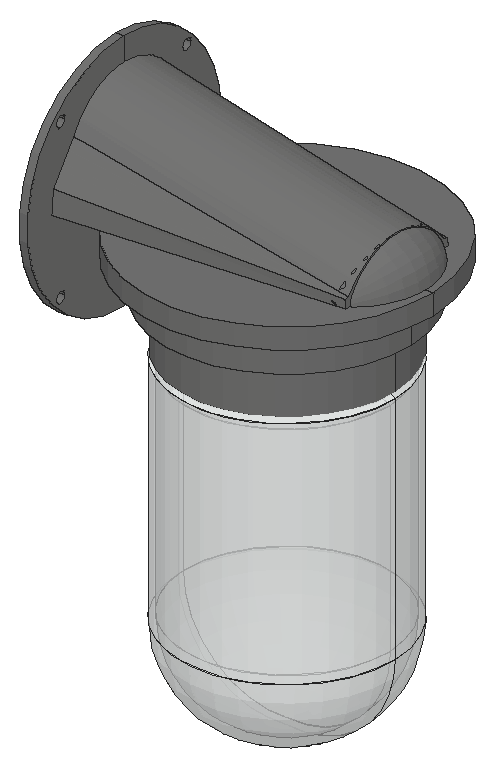
Revit family "Vaportite Wall (VTW) 100w INC 16w MB", category Lighting Fixtures, Revit 2020
Family settings
  Round Connector Dimension = Use Diameter
  Part Type = Normal
  OmniClass Number = 23.80.70.00
  OmniClass Title = Lighting
  Work Plane-Based = No
  Always vertical = Yes
  Cut with Voids When Loaded = No
  Light Source = Yes
  Shared = No
  Room Calculation Point = No
Parameters (values of type "VTW100GL")
  Weight = "2.5 lbs"
  Wattage Comments = "100 W Max"  # constant formula
  Wattage = 1.6 W
  Warranty = "5 year limited warranty"  # constant formula
  built-in parameter 1150110 = 1 (stored number, unit not read)
  Voltage = 277 V  # constant formula
  VTW100GL = yes
  URL = "https://www.anplighting.com/assets/Uploads/product-attachments/specification-sheets/ANP-Specification-Sheet-RLM-MB-VTW100GL.pdf"
  built-in parameter 1114217 = 1 (stored number, unit not read)
  Tilt Angle = 90.00°
  built-in parameter 1150109 = 1 (stored number, unit not read)
  built-in parameter 1150134 = 12
  built-in parameter 1150113 = 1 (stored number, unit not read)
  Power Factor = 1
  Placement X axis side [instance] = 0' - 2 53/64"  # constant formula
  Photometric Web File = "generic.ies"
  Model = "VTW100GL"
  Manufacturer = "ANP Lighting"  # constant formula
  built-in parameter 1150105 = 159.15 (stored number, unit not read)
  Lumens = 2000 lm
  built-in parameter 1150115 = 1 (stored number, unit not read)
  Load Classification = Lighting
  Light Source Height [instance] = 0' - 6 1/2"  # constant formula
  built-in parameter 1150137 = (empty or 0)
  built-in parameter 1150139 = (empty or 0)
  Light Elevation _2 [instance] = 0' - 1 137/256"  # constant formula
  Light Elevation _1 [instance] = 0' - 0 7/8"  # constant formula
  Light Elevation [instance] = 0' - 0"  # constant formula
  Life = "L70 50,000 hours"  # constant formula
  built-in parameter 1150112 = 1 (stored number, unit not read)
  built-in parameter 1150114 = 1 (stored number, unit not read)
  Lamp = "MB"  # constant formula
  built-in parameter 1150132 = 2
  built-in parameter 1150102 = (empty or 0)
  built-in parameter 1150107 = 4000 (stored number, unit not read)
  built-in parameter 1150138 = (empty or 0)
  built-in parameter 1150106 = 1.5915 (stored number, unit not read)
  INSIDE BODY = INSIDE BODY
  HUB = Texture Black
  Fixture Height = 0' - 9 1/4"
  Fixture Diameter = 0' - 5 1/4"
  Efficiency = "65-125 lumens per watt"  # constant formula
  built-in parameter 1150104 = 116.13 (stored number, unit not read)
  Dimming Lamp Color Temperature Shift = <None>
  Dimming = "1%"  # constant formula
  Description = "120-277 Voltage"  # constant formula
  Default Elevation = 0' - 0"
  Construction Material = "Cast aluminum."  # constant formula
  Color Filter = 16777215
  CRI = ">90"  # constant formula
  Bulb = Bulb
  Body Material = body
  Body Colour = "Cast aluminium"  # constant formula
  built-in parameter 1114218 = 1 (stored number, unit not read)
  built-in parameter 1150133 = 10 (stored number, unit not read)
  Apparent Load = 100 VA
Reference planes (in)
  plane 1 "Light Source Axis (F/B)": y = 0
  plane 2: z = 0
  plane 3 "Light Source Axis (L/R)": x = 0
  plane 4 "Light Source Elevation": z = 0
  plane 5: z = 0
  plane 6: x = 2.82813
  plane 7 "Bulb Position": z = -1.53516
  plane 8 "Canopy Position": z = -0.875
  plane 9 "IES": z = -8.03516
Dimensions and locks (in)
  "Light Elevation": plane 5 to plane 2
  "Placement X axis side": plane 6 to plane 3 "Light Source Axis (L/R)"
  "Light Elevation _2": plane 5 to plane 7 "Bulb Position"
  "Light Elevation _1": plane 5 to plane 8 "Canopy Position"
  "Light Source Height": plane 7 "Bulb Position" to plane 9 "IES"
  locked: plane 4 "Light Source Elevation" to plane 2
  aligned and locked: level to plane 2
  aligned and locked: imposter light to plane 9 "IES"
  aligned and locked: plane 6 to imposter light
  aligned and locked: plane 3 "Light Source Axis (L/R)" to nested 1
  aligned and locked: plane 5 to nested 1
Nested families (in)
  nested 1: "VTW100GL _1" at (0, 0, 0), VTW100GL <- "VTW100GL", visible <- "VTW100GL", GLASS <- "Bulb", HUB <- "HUB", Light Elevation <- "Light Elevation", type "VTW100GL _1"
    with VTW100GL yes, Light Elevation 0' - 0", HUB Texture Black, GLASS Bulb
Definition of nested family "VTW100GL _1"
  Parameters (values of type "VTW100GL _1")
    VTW100GL [instance] = yes
    Light Elevation [instance] = 2' - 0"
    HUB [instance] = none
    GLASS [instance] = none
    Default Elevation = 0' - 0"
  Reference planes (in)
    plane 1 "Center (Front/Back)": y = 0
    plane 2: z = 0
    plane 3 "Center (Left/Right)": x = 0
    plane 4: z = 24
  Dimensions and locks (in)
    "Light Elevation": plane 4 to plane 2
    aligned and locked: plane 2 to level
    aligned and locked: nested 1 to plane 4
  Nested families (in)
    nested 1: "VTW 100wMB" at (3.375, 14.78991, 14.75), HUB <- "HUB", GLASS <- "GLASS", visible <- "VTW100GL", VTW100GL <- "VTW100GL", type "VTW 100wMB"
      with VTW100GL yes, HUB none, GLASS none
  Definition of nested family "VTW 100wMB"
    Parameters (values of type "VTW 100wMB")
      VTW100GL [instance] = yes
      HUB [instance] = none
      GLASS [instance] = none
      Default Elevation = 0' - 0"
    Reference planes (in)
      plane 1 "Center (Front/Back)": y = 0
      plane 2: z = 0
      plane 3 "Center (Left/Right)": x = 0
      plane 4: y = 106.42871
      plane 5: x = 1.875
      plane 6: z = 9.25
      plane 7: x = -3.375
      plane 8: x = 1.75
      plane 9: z = 7.25
      plane 10: z = 5.25
      plane 11: through (0, 0, 7.25032) normal (0, 0.7071, 0.7071)
      plane 12: through (0, 0, 7.25032) normal (0, 0.7071, -0.7071)
      plane 13: x = -0.54687
    Forms (in)
      Revolve 1, solid, material <- "HUB", visible <- "VTW100GL"
        sketch origin (-0.54687, 0, -0.875) x (1, 0, 0) y (0, 0, 1)
          loop
            line (-0.8125, 6.42962) -> (-0.8125, 6.52337) -> (-1.6928, 6.52337) -> (-1.6928, 7.30965) -> (-1.95779, 7.30965) -> (-1.95779, 7.87899) -> (-2.32812, 7.87899) -> (-2.32812, 8.02934) -> (0, 8.02934) -> (0, 8.12532) -> (-2.42187, 8.12532) -> (-2.42187, 7.78524) -> (-2.05154, 7.78524) -> (-2.05154, 7.2159) -> (-1.78655, 7.2159) -> (-1.78655, 6.42962) -> (-0.8125, 6.42962)
          axis (0, 8.12532) -> (0, 6.42962)
        angle from 0 to 360
      Revolve 2, solid, material <- "GLASS", visible <- "VTW100GL"
        sketch origin (0, 0, 0) x (1, 0, 0) y (0, 0, 1)
          loop
            line (-2.34351, 5.45581) -> (-2.34351, 1.59533)
            arc (-2.34351, 1.59533) -> (-1.80365, 0.39398) -> (-0.54687, 0) r 1.6066
            line (-0.54687, 0) -> (-0.54687, 0.09567)
            arc (-0.54687, 0.09567) -> (-1.74355, 0.51944) -> (-2.24976, 1.68364) r 1.59184
            line (-2.24976, 1.68364) -> (-2.24976, 5.3227) -> (-1.7524, 5.55462) -> (-2.06244, 5.55462)
            arc (-2.06244, 5.55462) -> (-2.21141, 5.5292) -> (-2.34351, 5.45581) r 0.44916
          axis (-0.54687, 5.55462) -> (-0.54687, 0)
        angle from 0 to 360
      Revolve 3, solid, material <- "HUB", visible <- "VTW100GL"
        sketch origin (0, 0, -2.84941) x (1, 0, 0) y (0, 0, 1)
          loop
            line (-3.375, 10.09972) -> (-3.375, 8.09941) -> (-3.24997, 8.09941) -> (-3.24997, 10.09972) -> (-3.375, 10.09972)
          axis (-3.24997, 10.09972) -> (-3.375, 10.09972)
        angle from 0 to 360
      SweptBlend 4, solid, material <- "HUB", visible <- "VTW100GL"
        path origin (0, 0, -2.94417) x (1, 0, 0) y (0, 0, 1)
          loop
            line (-3.24997, 10.19449) -> (1.25003, 10.19449)
        profile origin (-3.24997, 0, 7.25032) x (0, 0, 1) y (0, -1, 0)
          loop
            line (0, 1.49804) -> (0, -1.65429)
            arc (0, -1.65429) -> (0.19344, -1.64539) -> (0.38526, -1.61877) r 2.10741
            line (0.38526, -1.61877) -> (0.9487, -1.05533)
            arc (0.9487, -1.05533) -> (1.61838, -0.01231) -> (0.97087, 1.04461) r 1.16633
            line (0.97087, 1.04461) -> (0.37008, 1.46529)
            arc (0.37008, 1.46529) -> (0.18576, 1.48983) -> (0, 1.49804) r 2.10741
        end profile origin (1.25003, 0, 7.25032) x (0, 0, 1) y (0, -1, 0)
          loop
            line (0, 1.04491) -> (0, -1.06054)
            arc (0, -1.06054) -> (0.06285, -1.0596) -> (0.12565, -1.05679) r 2.10741
            line (0.12565, -1.05679) -> (0.14154, -0.98199)
            arc (0.14154, -0.98199) -> (0.6582, 0) -> (0.14154, 0.98199) r 1.19155
            line (0.14154, 0.98199) -> (0.12901, 1.04096)
            arc (0.12901, 1.04096) -> (0.06454, 1.04392) -> (0, 1.04491) r 2.10741
      Sweep 5, solid, material <- "HUB", visible <- "VTW100GL"
        path origin (0, 0, -2.94027) x (1, 0, 0) y (0, 0, 1)
          loop
            arc (1.25003, 10.8527) -> (1.6006, 10.5998) -> (1.75, 10.19417) r 0.73978
        profile origin (1.6006, 0, 7.65953) x (0.796458, 0, 0.604694) y (0, -1, 0)
          loop
            arc (-0.6404, -1.0652) -> (-0.00358, -0.00148) -> (-0.6404, 1.06225) r 1.20682
            line (-0.6404, 1.06225) -> (-0.6404, -1.0652)
      Extrusion 6, void
        sketch origin (0, 0, 0) x (0, 1, 0) y (0, 0, 1)
          loop
            circle (-1.30395, 8.55427) r 0.09375
          loop
            circle (1.30395, 8.55427) r 0.09375
          loop
            circle (-1.30395, 5.94573) r 0.09375
          loop
            circle (1.30395, 5.94573) r 0.09375
        from -3.375 to -3.24997
    Cuts and joins
      Extrusion 6 cuts Revolve 3
    Dimensions and locks (in)
      plane 3 "Center (Left/Right)" to plane 5 = 0' - 1 7/8"  (x2)
      plane 4 to plane 1 "Center (Front/Back)" = 8' - 10.42871"
      plane 6 to plane 2 = 0' - 9 1/4"
      plane 5 to plane 7 = 0' - 5 1/4"
      plane 7 to plane 8 = 0' - 5 1/8"
      equal spacing: plane 6, plane 9, plane 10
      plane 6 to plane 10 = 0' - 4"
      aligned and locked: plane 2 to level
      aligned and locked: plane 5 to Revolve 1
      aligned and locked: Extrusion 6 to plane 7
      aligned and locked: Revolve 3 to Extrusion 6
    Automatic sketch dimensions
      plane 9 to Revolve 1 sketch curve = 0' - 0.00032"
      plane 7 to Revolve 1 sketch curve = 0' - 0 13/32"
      Revolve 1 sketch curve to Revolve 1 sketch curve = 0' - 0 3/32"  (x6)
      Revolve 1 sketch curve to Revolve 1 sketch curve = 0' - 0.27659"
      Revolve 1 sketch curve to Revolve 1 sketch curve = 0' - 0.17124"
      Revolve 1 sketch curve to Revolve 1 sketch curve = 0' - 0.8803"
      Revolve 1 sketch curve to plane 3 "Center (Left/Right)" = 0' - 0 35/64"  (x2)
      Revolve 1 sketch curve to plane 9 = 0' - 0.09566"
      Revolve 1 sketch curve to Revolve 1 sketch curve = 0' - 0.15035"
      Revolve 1 sketch curve to Revolve 1 sketch curve = 0' - 0.47559"
      plane 10 to Revolve 1 sketch curve = 0' - 0.39837"
      plane 10 to Revolve 1 sketch curve = 0' - 0.74434"
      plane 10 to Revolve 1 sketch curve = 0' - 0.27106"
      plane 9 to SweptBlend 4 sketch curve = 0' - 0.00032"
      plane 7 to SweptBlend 4 sketch curve = 0' - 0.12503"
      plane 8 to SweptBlend 4 sketch curve = 0' - 0.49997"
      profile plane to SweptBlend 4 sketch curve = 0' - 0"  (x2)
      SweptBlend 4 sketch curve to plane 1 "Center (Front/Back)" = 0' - 0"  (x2)
      SweptBlend 4 sketch curve to profile plane = 0' - 0.37008"
      SweptBlend 4 sketch curve to profile plane = 0' - 0.38526"
      SweptBlend 4 sketch curve to profile plane = 0' - 0.45212"
      SweptBlend 4 sketch curve to SweptBlend 4 sketch curve = 0' - 0.56345"  (x2)
      SweptBlend 4 sketch curve to SweptBlend 4 sketch curve = 0' - 0.60079"
      SweptBlend 4 sketch curve to plane 1 "Center (Front/Back)" = 0' - 0 39/64"
      SweptBlend 4 sketch curve to SweptBlend 4 sketch curve = 0' - 0.44595"
      SweptBlend 4 sketch curve to SweptBlend 4 sketch curve = 0' - 0.03551"
      SweptBlend 4 sketch curve to SweptBlend 4 sketch curve = 0' - 0.42068"
      profile plane to SweptBlend 4 sketch curve = 0' - 0.53334"
      SweptBlend 4 sketch curve to profile plane = 0' - 0.12565"
      SweptBlend 4 sketch curve to profile plane = 0' - 0.12901"
      SweptBlend 4 sketch curve to SweptBlend 4 sketch curve = 0' - 0.01253"
      SweptBlend 4 sketch curve to SweptBlend 4 sketch curve = 0' - 0.0159"
      SweptBlend 4 sketch curve to plane 1 "Center (Front/Back)" = 0' - 0.98199"
      SweptBlend 4 sketch curve to SweptBlend 4 sketch curve = 0' - 0.07479"
      SweptBlend 4 sketch curve to SweptBlend 4 sketch curve = 0' - 0.00375"
      SweptBlend 4 sketch curve to SweptBlend 4 sketch curve = 0' - 0.00196"
      SweptBlend 4 sketch curve to SweptBlend 4 sketch curve = 0' - 0.05897"
      plane 8 to Sweep 5 sketch curve = 0' - 0"
      plane 9 to Sweep 5 sketch curve = 0' - 0 1/256"
      Sweep 5 sketch curve to plane 9 = 0' - 0.03781"
      plane 8 to Sweep 5 sketch curve = 0' - 0.7386"
      plane 8 to Sweep 5 sketch curve = 0' - 0.49997"
      Sweep 5 sketch curve to plane 1 "Center (Front/Back)" = 0' - 0.00148"
      profile plane to Sweep 5 sketch curve = 0' - 1.2104"
      profile plane to Sweep 5 sketch curve = 0' - 0.6404"
      Sweep 5 sketch curve to plane 1 "Center (Front/Back)" = 0' - 1.0652"
      Revolve 3 sketch curve to plane 7 = 0' - 0"
      Revolve 3 sketch curve to plane 10 = 0' - 0"
      plane 9 to Revolve 3 sketch curve = 0' - 0.00032"  (x2)
      Revolve 3 sketch curve to Revolve 3 sketch curve = 0' - 0.12503"
      Revolve 3 sketch curve to plane 7 = 0' - 0.1917"
      Revolve 3 sketch curve to Revolve 3 sketch curve = 0' - 0.34901"
      Extrusion 6 sketch curve to plane 11 = 0' - 0"
      Extrusion 6 sketch curve to plane 12 = 0' - 0"
      plane 1 "Center (Front/Back)" to Extrusion 6 sketch curve = 0' - 1.30395"
      Extrusion 6 sketch curve to plane 6 = 0' - 0.69573"  (x2)
      Extrusion 6 sketch curve to plane 1 "Center (Front/Back)" = 0' - 1.30395"
      plane 10 to Extrusion 6 sketch curve = 0' - 0.69573"  (x2)
      Revolve 2 sketch curve to plane 13 = 0' - 0"  (x2)
      Revolve 2 sketch curve to level = 0' - 0"
      Revolve 2 sketch curve to plane 10 = 0' - 0"
      Revolve 2 sketch curve to plane 13 = 0' - 0.11104"
      Revolve 2 sketch curve to Revolve 2 sketch curve = 0' - 0.07899"
      plane 10 to Revolve 2 sketch curve = 0' - 0.30462"
      Revolve 2 sketch curve to plane 13 = 0' - 1.20553"
      Revolve 2 sketch curve to plane 10 = 0' - 0 37/256"
      Revolve 2 sketch curve to Revolve 2 sketch curve = 0' - 0.31004"
      plane 7 to Revolve 2 sketch curve = 0' - 1.12524"
      Revolve 2 sketch curve to Revolve 2 sketch curve = 0' - 0 3/32"
      Revolve 2 sketch curve to Revolve 2 sketch curve = 0' - 0.08832"
      plane 10 to Revolve 2 sketch curve = 0' - 0.0727"
      Revolve 2 sketch curve to plane 10 = 0' - 0.53592"
      radius of Extrusion 6 sketch curve = 0' - 0 3/32"  (x4)
